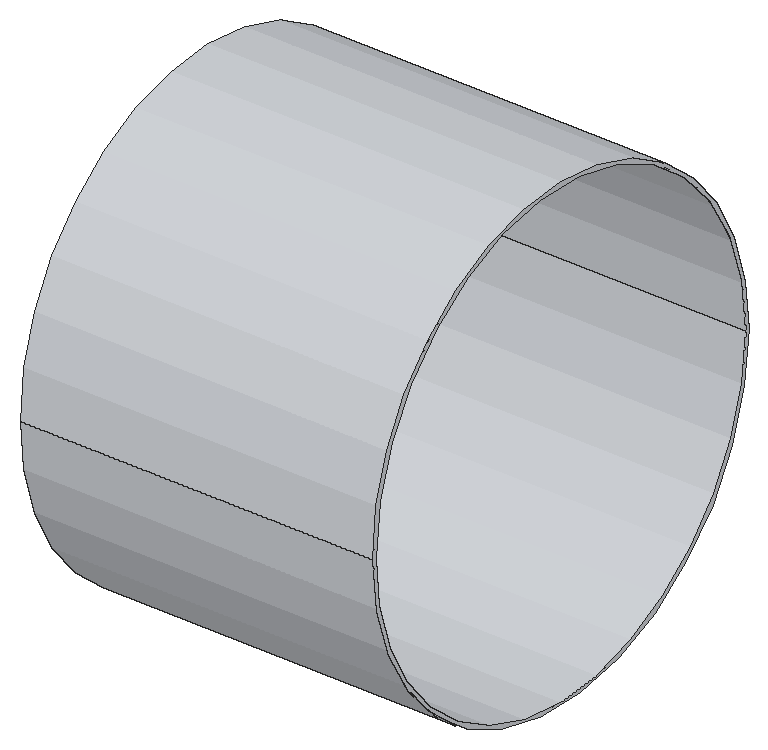
Revit family "Round Wall Sleeve", category Pipe Accessories, Revit 2021
Family settings
  Round Connector Dimension = Use Diameter
  Part Type = Normal
  Work Plane-Based = Yes
  Always vertical = Yes
  Cut with Voids When Loaded = No
  Shared = No
Parameters
  Length [instance] = 0' - 1 1/2"
  Inner Diameter [instance] = Diameter - 0' 0 1/32"  # 0' - 1 31/32"
  Diameter [instance] = 0' - 2"
  Default Elevation = 4' - 0"
Reference planes (in)
  plane 1 "Center (Front/Back)": y = 0
  plane 2: z = 0
  plane 3 "Center (Left/Right)": x = 0
  plane 4: x = 1.5
Forms (in)
  Extrusion 1, solid
    sketch origin (0, 0, 3) x (0, 1, 0) y (0, 0, 1)
      loop
        circle (0, -3) r 1
      loop
        circle (0, -3) r 0.98438
    from 1.5 to 0
Dimensions and locks (in)
  "Length": plane 3 "Center (Left/Right)" to plane 4
  "Diameter": diameter of Extrusion 1 sketch curve
  "Inner Diameter": diameter of Extrusion 1 sketch curve
  aligned and locked: plane 2 to level
  aligned and locked: Extrusion 1 to plane 4
  aligned and locked: plane 3 "Center (Left/Right)" to Extrusion 1
Automatic sketch dimensions
  Extrusion 1 sketch curve to Extrusion 1 sketch curve = 0' - 0"  (x2)
  Extrusion 1 sketch curve to level = 0' - 0"
  Extrusion 1 sketch curve to plane 1 "Center (Front/Back)" = 0' - 0"
